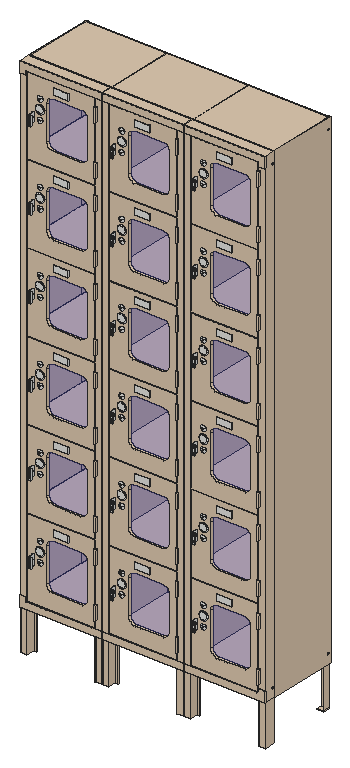
Revit family "Metal_Lockers-Salsbury_Industries-S_65000_66000_Series-3_Wide_Units", category Specialty Equipment, Revit 2016
Family settings
  Part Type = Normal
  Round Connector Dimension = Use Diameter
  OmniClass Number = 23.40.00.00
  OmniClass Title = Equipment and Furnishings
  Work Plane-Based = No
  Always vertical = Yes
  Cut with Voids When Loaded = No
  Shared = No
  Room Calculation Point = No
Parameters (values of type "S-66362 - with Standard 6" High Legs")
  Zee Base Corner - Right Side [instance] = Metal Locker Zee Base Corner : None
  Zee Base Corner - Left Side [instance] = Metal Locker Zee Base Corner : None
  Zee Base - Right Side [instance] = Metal Locker Zee Base-Right Side : None
  Zee Base - Left Side [instance] = Metal Locker Zee Base-Left Side : None
  Zee Base = Metal Locker Zee Base - 3 Wide : None
  Window Panel Material = Polycarbonate - Salsbury Finish - Clear
  Width = 36.040"
  Version = "3.0 (03/30/18)"
  Unit Height including Sloping Hood Only [instance] = 78.625"
  Unit Height = 72.000"
  URL = "www.lockers.com"
  Type Comments = "See-Through Metal Lockers - Six Tier"
  Total Door(s) Height [instance] = 69.81949"
  Top Row of Doors = yes
  Top Compartment Divider = yes
  Sloping Top In-Line Filler - Right Side [instance] = Metal Locker Sloping Top Filler : None
  Sloping Top In-Line Filler - Left Side [instance] = Metal Locker Sloping Top Filler : None
  Sloping Top Corner Filler - Right Side [instance] = Metal Locker Sloping Corner Filler : None
  Sloping Top Corner Filler - Left Side [instance] = Metal Locker Sloping Corner Filler : None
  Sloping Hood Height = if(Depth = 12.010", 6.625", if(Depth = 15.010", 8.682", if(Depth = 18.010", 10.739", 0.000")))  # 6.625"
  Sloping Hood [instance] = Metal Locker Sloping Hood : None
  Door Window Width = 6.000"
  Door Window Offset = if(Unit Height = 72.000", 3.372", if(Unit Height = 60.000", 3.303", 0.000"))  # 3.372"
  Door Window Height = if(Unit Height = 72.000", 7.000", if(Unit Height = 60.000", 7.000", 0.000"))  # 7.000"
  Compartment Divider Height = Individual Door Height - 0.375"  # 11.157"
  Right Side Base [instance] = Metal Locker Right Side Base : None
  Primary Structure Material [instance] = Paint - Salsbury Finish - Tan
  Overall Width including Rivets [instance] = 36.120"
  Unit Height including Base Only [instance] = 78.000"
  Overall Unit Height (including Base and Sloping Hood) [instance] = 84.625"
  OmniClass 23 Title = "Equipment and Furnishings"
  OmniClass 23 Number = "23.40.00.00"
  Model = "S-66362"
  MasterFormat Title = "Lockers"
  MasterFormat Number = "10 51 13"
  Manufacturer = "Salsbury Industries"
  Left Side Base [instance] = Metal Locker Left Side Base : None
  Individual Door Height = 11.532"
  Hasp Plate Rivet Material = Steel -Salsbury Finish - Polished Steel
  Hasp Handle Material = Plastic - Salsbury Finish - Black
  Front Vertical Filler - Right [instance] = Metal Locker Front Filler : None
  Front Vertical Filler - Left [instance] = Metal Locker Front Filler : None
  Front Base [instance] = Metal Locker Front Base : None
  Flat Top In-Line Filler - Right Side [instance] = Metal Locker Flat Top Filler : None
  Flat Top In-Line Filler - Left Side [instance] = Metal Locker Flat Top Filler : None
  Flat Top Corner Filler - Right Side [instance] = Metal Locker Flat Corner Filler : None
  Flat Top Corner Filler - Left Side [instance] = Metal Locker Flat Corner Filler : None
  Individual Door Width [instance] = 33.90055"
  End Panel - Right Side [instance] = Metal Locker End Panel : None
  End Panel - Left Side [instance] = Metal Locker End Panel : None
  Door Location D1 = See-Through Metal Locker Doors-12 inch with Latch Hasps : Six Tier Door - 6 foot
  Description = "3 Wide - 6 Feet High - 12 Inches Deep"
  Depth = 12.010"
  Base Height = 6.000"
  Standard Leg Base = Metal Locker Legs - 3 Wide : 6" High - 36" W x 12" D
  Assembly Code = "C1030310"
Reference planes (in)
  plane 1 "Center (Front/Back)": y = 0
  plane 2: z = 0
  plane 3 "Center (Left/Right)": x = 0
  plane 4 "Floor": z = 0
  plane 5 "Bottom of Unit": z = 6
  plane 6 "Top of Unit": z = 78
  plane 7 "Left Side of Unit": x = -18.02
  plane 8 "Right Side of Unit": x = 18.02
  plane 9 "Back of Unit": y = 6.005
  plane 10 "Front of Unit": y = -6.005
  plane 11 "Top of Sloping Hood": z = 84.625
  plane 12 "Left Rivet": x = -18.06
  plane 13 "Right Rivet": x = 18.06
  plane 14 "Right Side of Door Opening": x = 17.02
  plane 15 "Left Side of Door Opening": x = -17.02
  plane 16 "Top of Door Opening": z = 77
  plane 17 "Bottom of Door Opening": z = 7
  plane 18 "Back Edge of Front Facing": y = -4.417
  plane 19 "Front Plate Plane": y = -6.065
  plane 20 "Horizontal Center of Top Rivets": z = 76.5
  plane 21 "Horiz Center of Bottom Rivets": z = 7.5
  plane 22 "Vertical Center of Back Rivets": y = 5.505
  plane 23 "Vertical Center of Front Rivets": y = -4.755
  plane 24 "Right Align Top Filler Overlap": x = 17.435
  plane 25 "Left Align Top Filler Overlap": x = -17.435
  plane 26 "Corner Filler Align-Left": x = -18.08
  plane 27 "Corner Filler Align-Right": x = 18.08
  plane 28 "Right Side of Door": x = 16.95026
  plane 29 "Top of Door 1": z = 76.90976
  plane 30 "Bottom of Bottom Door": z = 7.09027
  plane 31 "Zee Base Offset": x = -17.669
  plane 32: x = 17.669
  plane 33 "Compartment Align 3": z = 19.157
  plane 34: x = -17.96
  plane 35: x = 17.96
  plane 36: x = -17.635
  plane 37: x = 17.635
  plane 38: y = 5.945
  plane 39: y = 5.895
  plane 40: y = 5.145
  plane 41: x = -17.9
  plane 42: x = 17.9
  plane 43: x = -17.095
  plane 44: x = 17.095
  plane 45: z = 77.94
  plane 46: z = 19.097
  plane 47: z = 18.157
  plane 48: z = 6.9204
  plane 49: z = 6.18539
  plane 50: z = 76.40796
  plane 51: z = 7.59204
  plane 52 "Right Side of Center Unit": x = 6.00667
  plane 53 "Left Side of Center Unit": x = -6.00667
  plane 54: x = 6.98167
  plane 55 "Left Side of Door Opening-Right Door": x = 7.00667
  plane 56: x = 5.03167
  plane 57 "Right Side of Door Opening-Center Door": x = 5.00667
  plane 58 "Right Side of Door - Center Door": x = 4.93667
  plane 59: x = -5.03167
  plane 60 "Left Side of Door Opening - Center Door": x = -5.00667
  plane 61: x = -6.98167
  plane 62 "Right Side of Door Opening - Left Door": x = -7.00667
  plane 63 "Right Side of Door - Left Door": x = -7.07667
  plane 64: z = 18.157
  plane 65 "Top of Door Row 3": z = 18.62227
  plane 66 "Bottom of Door Row 2": z = 18.74776
  plane 67 "Top of Door Row 2": z = 30.27976
  plane 68: z = 30.40676
  plane 69 "Compartment Align 2": z = 30.77927
  plane 70: z = 30.71927
  plane 71: z = 29.77927
  plane 72: z = 53.22076
  plane 73: z = 41.93876
  plane 74: z = 42.06376
  plane 75: z = 41.43676
  plane 76: z = 42.37676
  plane 77 "Compartment Align 1": z = 42.43676
  plane 78: z = 70.70625
  plane 79: z = 53.59576
  plane 80: z = 53.72076
  plane 81: z = 65.25276
  plane 82: z = 65.37776
  plane 83: z = 53.09576
  plane 84: z = 54.03576
  plane 85: z = 54.09576
  plane 86: z = 64.75276
  plane 87: z = 65.69276
  plane 88: z = 65.75276
  plane 89: z = 82.36525
  plane 90: z = 94.02225
  plane 91: x = -6.03667
  plane 92: x = -5.97667
  plane 93: x = 5.97667
  plane 94: x = 6.03667
  plane 95: x = -2.06333
  plane 96: x = 3.93667
  plane 97: z = 9.372
  plane 98: z = 16.372
Forms (in)
  Sweep 1, solid, material "Paint - Salsbury Finish - Tan" <- "Primary Structure Material"
    path origin (0, -6.005, 0) x (1, 0, 0) y (0, 0, 1)
      loop
        line (6.00667, 78) -> (6.00667, 6) -> (18.02, 6) -> (18.02, 78) -> (6.00667, 78)
    profile origin (12.01333, -6.005, 78) x (0, 0, 1) y (0, -1, 0)
      loop
        line (0, 0) -> (-1, 0) -> (-1, -1.588) -> (0, -1.588) -> (0, 0)
  Extrusion 2, solid, material "Paint - Salsbury Finish - Tan" <- "Primary Structure Material"
    sketch origin (0, 0, 6) x (0, -1, 0) y (1, 0, 0)
      loop
        line (4.417, 18.02) -> (-6.005, 18.02) -> (-6.005, 17.635) -> (-5.945, 17.635) -> (-5.945, 17.96) -> (4.417, 17.96) -> (4.417, 18.02)
    from 0 to 72
  Extrusion 3, solid, material "Paint - Salsbury Finish - Tan" <- "Primary Structure Material"
    sketch origin (0, 0, 6) x (0, -1, 0) y (1, 0, 0)
      loop
        line (4.417, -18.02) -> (4.417, -17.96) -> (-5.945, -17.96) -> (-5.945, -17.635) -> (-6.005, -17.635) -> (-6.005, -18.02) -> (4.417, -18.02)
    from 0 to 72
  Extrusion 4, solid, material "Paint - Salsbury Finish - Tan" <- "Primary Structure Material"
    sketch origin (0, 0, 6) x (0, -1, 0) y (1, 0, 0)
      loop
        line (-5.945, -17.96) -> (-5.145, -17.96) -> (-5.145, -17.9) -> (-5.895, -17.9) -> (-5.895, 17.9) -> (-5.145, 17.9) -> (-5.145, 17.96) -> (-5.945, 17.96) -> (-5.945, -17.96)
    from 0 to 72
  Sweep 5, solid, material "Paint - Salsbury Finish - Tan" <- "Primary Structure Material"
    path origin (0, 0, 7) x (0, -1, 0) y (1, 0, 0)
      loop
        line (4.417, -17.96) -> (4.417, 17.96) -> (-5.145, 17.96) -> (-5.145, 17.9) -> (-5.895, 17.9) -> (-5.895, -17.9) -> (-5.145, -17.9) -> (-5.145, -17.96) -> (4.417, -17.96)
    profile origin (-17.96, 0.364, 7) x (-1, 0, 0) y (0, 0, 1)
      loop
        line (0, -0.81461) -> (0, -0.0796) -> (-0.06, -0.0796) -> (-0.06, -0.81461) -> (0, -0.81461)
  Extrusion 6, solid, material "Paint - Salsbury Finish - Tan" <- "Primary Structure Material"
    sketch origin (0, 0, 7) x (0, -1, 0) y (1, 0, 0)
      loop
        line (-5.895, -17.9) -> (-5.145, -17.9) -> (-5.145, -17.96) -> (4.417, -17.96) -> (4.417, 17.96) -> (-5.145, 17.96) -> (-5.145, 17.9) -> (-5.895, 17.9) -> (-5.895, -17.9)
    from -0.0796 to 0
  Extrusion 7, solid, material "Paint - Salsbury Finish - Tan" <- "Primary Structure Material"
    sketch origin (0, 0, 78) x (0, -1, 0) y (1, 0, 0)
      loop
        line (-5.895, -17.9) -> (-5.145, -17.9) -> (-5.145, -17.96) -> (4.417, -17.96) -> (4.417, 17.96) -> (-5.145, 17.96) -> (-5.145, 17.9) -> (-5.895, 17.9) -> (-5.895, -17.9)
    from -0.06 to 0
  Extrusion 8, solid, material "Paint - Salsbury Finish - Tan" <- "Primary Structure Material"
    sketch origin (0, -6.065, 0) x (0, 0, -1) y (1, 0, 0)
      loop
        line (-78, -18.02) -> (-76.47656, -18.02)
        arc (-76.47656, -18.02) -> (-76.42806, -17.99991) -> (-76.40796, -17.9514) r 0.0686
        line (-76.40796, -17.9514) -> (-76.40796, -17.16351)
        arc (-76.40796, -17.16351) -> (-76.42809, -17.11506) -> (-76.47656, -17.095) r 0.0686
        line (-76.47656, -17.095) -> (-77, -17.095) -> (-77, 17.095) -> (-76.47656, 17.095)
        arc (-76.47656, 17.095) -> (-76.42809, 17.11506) -> (-76.40796, 17.16351) r 0.0686
        line (-76.40796, 17.16351) -> (-76.40796, 17.9514)
        arc (-76.40796, 17.9514) -> (-76.42806, 17.99991) -> (-76.47656, 18.02) r 0.0686
        line (-76.47656, 18.02) -> (-78, 18.02) -> (-78, -18.02)
    from -0.06 to 0
  Extrusion 9, solid, material "Paint - Salsbury Finish - Tan" <- "Primary Structure Material"
    sketch origin (0, -6.065, 84) x (0, 0, 1) y (-1, 0, 0)
      loop
        line (-78, 18.02) -> (-78, -18.02) -> (-76.47656, -18.02)
        arc (-76.47656, -18.02) -> (-76.42806, -17.99991) -> (-76.40796, -17.9514) r 0.0686
        line (-76.40796, -17.9514) -> (-76.40796, -17.16351)
        arc (-76.40796, -17.16351) -> (-76.42809, -17.11506) -> (-76.47656, -17.095) r 0.0686
        line (-76.47656, -17.095) -> (-77, -17.095) -> (-77, 17.095) -> (-76.47656, 17.095)
        arc (-76.47656, 17.095) -> (-76.42809, 17.11506) -> (-76.40796, 17.16351) r 0.0686
        line (-76.40796, 17.16351) -> (-76.40796, 17.9514)
        arc (-76.40796, 17.9514) -> (-76.42806, 17.99991) -> (-76.47656, 18.02) r 0.0686
        line (-76.47656, 18.02) -> (-78, 18.02)
    from -0.06 to 0
  Blend 10, solid, material "Steel -Salsbury Finish - Polished Steel" <- "Hasp Plate Rivet Material"
    base sketch origin (18.02, 0, 0) x (0, 0, -1) y (0, -1, 0)
      loop
        circle (-76.5, 4.755) r 0.187
    top sketch origin (18.02, 0, 0) x (0, 0, -1) y (0, -1, 0)
      loop
        circle (-76.5, 4.755) r 0.05319
    from 0 to -0.04
  Blend 11, solid, material "Steel -Salsbury Finish - Polished Steel" <- "Hasp Plate Rivet Material"
    base sketch origin (18.02, 0, -69) x (0, 0, -1) y (0, -1, 0)
      loop
        circle (-76.5, 4.755) r 0.187
    top sketch origin (18.02, 0, -69) x (0, 0, -1) y (0, -1, 0)
      loop
        circle (-76.5, 4.755) r 0.05319
    from 0 to -0.04
  Blend 12, solid, material "Steel -Salsbury Finish - Polished Steel" <- "Hasp Plate Rivet Material"
    base sketch origin (18.02, 10.26, -69) x (0, 0, -1) y (0, -1, 0)
      loop
        circle (-76.5, 4.755) r 0.187
    top sketch origin (18.02, 10.26, -69) x (0, 0, -1) y (0, -1, 0)
      loop
        circle (-76.5, 4.755) r 0.05319
    from 0 to -0.04
  Blend 13, solid, material "Steel -Salsbury Finish - Polished Steel" <- "Hasp Plate Rivet Material"
    base sketch origin (18.02, 10.26, 0.0043) x (0, 0, -1) y (0, -1, 0)
      loop
        circle (-76.5, 4.755) r 0.187
    top sketch origin (18.02, 10.26, 0.0043) x (0, 0, -1) y (0, -1, 0)
      loop
        circle (-76.5, 4.755) r 0.05319
    from 0 to -0.04
  Blend 14, solid, material "Steel -Salsbury Finish - Polished Steel" <- "Hasp Plate Rivet Material"
    base sketch origin (-6.02, 0, -69) x (0, 0, -1) y (0, 1, 0)
      loop
        circle (-76.5, -4.755) r 0.187
    top sketch origin (-6.02, 0, -69) x (0, 0, -1) y (0, 1, 0)
      loop
        circle (-76.5, -4.755) r 0.05319
    from -12 to -12.04
  Blend 15, solid, material "Steel -Salsbury Finish - Polished Steel" <- "Hasp Plate Rivet Material"
    base sketch origin (-6.02, 10.26, -69) x (0, 0, -1) y (0, 1, 0)
      loop
        circle (-76.5, -4.755) r 0.187
    top sketch origin (-6.02, 10.26, -69) x (0, 0, -1) y (0, 1, 0)
      loop
        circle (-76.5, -4.755) r 0.05319
    from -12 to -12.04
  Blend 16, solid, material "Steel -Salsbury Finish - Polished Steel" <- "Hasp Plate Rivet Material"
    base sketch origin (-6.02, 0, 0) x (0, 0, -1) y (0, 1, 0)
      loop
        circle (-76.5, -4.755) r 0.187
    top sketch origin (-6.02, 0, 0) x (0, 0, -1) y (0, 1, 0)
      loop
        circle (-76.5, -4.755) r 0.05319
    from -12 to -12.04
  Blend 17, solid, material "Steel -Salsbury Finish - Polished Steel" <- "Hasp Plate Rivet Material"
    base sketch origin (-6.02, 10.26, 0.00039) x (0, 0, -1) y (0, 1, 0)
      loop
        circle (-76.5, -4.755) r 0.187
    top sketch origin (-6.02, 10.26, 0.00039) x (0, 0, -1) y (0, 1, 0)
      loop
        circle (-76.5, -4.755) r 0.05319
    from -12 to -12.04
  Extrusion 18, solid, material "Paint - Salsbury Finish - Tan" <- "Primary Structure Material"
    sketch origin (0, 0, 19.157) x (0, -1, 0) y (1, 0, 0)
      loop
        line (-5.945, -17.9) -> (-5.145, -17.9) -> (-5.145, -17.96) -> (4.417, -17.96) -> (4.417, 17.96) -> (-5.145, 17.96) -> (-5.145, 17.9) -> (-5.945, 17.9) -> (-5.945, -17.9)
    from -0.06 to 0
  Sweep 19, solid, material "Paint - Salsbury Finish - Tan" <- "Primary Structure Material"
    path origin (0, 0, 19.157) x (0, -1, 0) y (1, 0, 0)
      loop
        line (4.417, -17.96) -> (4.417, 17.96) -> (-5.145, 17.96) -> (-5.145, 17.9) -> (-5.945, 17.9) -> (-5.945, -17.9) -> (-5.145, -17.9) -> (-5.145, -17.96) -> (4.417, -17.96)
    profile origin (-17.96, 0.364, 19.157) x (-1, 0, 0) y (0, 0, 1)
      loop
        line (0, -1) -> (0, -0.06) -> (-0.06, -0.06) -> (-0.06, -1) -> (0, -1)
  Sweep 20, solid, material "Paint - Salsbury Finish - Tan" <- "Primary Structure Material"
    path origin (-12.01333, -6.005, 0) x (1, 0, 0) y (0, 0, 1)
      loop
        line (6.00667, 78) -> (6.00667, 6) -> (18.02, 6) -> (18.02, 78) -> (6.00667, 78)
    profile origin (0, -6.005, 78) x (0, 0, 1) y (0, -1, 0)
      loop
        line (0, 0) -> (-1, 0) -> (-1, -1.588) -> (0, -1.588) -> (0, 0)
  Sweep 21, solid, material "Paint - Salsbury Finish - Tan" <- "Primary Structure Material"
    path origin (-24.02667, -6.005, 0) x (1, 0, 0) y (0, 0, 1)
      loop
        line (6.00667, 78) -> (6.00667, 6) -> (18.02, 6) -> (18.02, 78) -> (6.00667, 78)
    profile origin (-12.01333, -6.005, 78) x (0, 0, 1) y (0, -1, 0)
      loop
        line (0, 0) -> (-1, 0) -> (-1, -1.588) -> (0, -1.588) -> (0, 0)
  Extrusion 22, solid, material "Paint - Salsbury Finish - Tan" <- "Primary Structure Material"
    sketch origin (0, 0, 30.77927) x (0, -1, 0) y (1, 0, 0)
      loop
        line (-5.945, -17.9) -> (-5.145, -17.9) -> (-5.145, -17.96) -> (4.417, -17.96) -> (4.417, 17.96) -> (-5.145, 17.96) -> (-5.145, 17.9) -> (-5.945, 17.9) -> (-5.945, -17.9)
    from -0.06 to 0
  Sweep 23, solid, material "Paint - Salsbury Finish - Tan" <- "Primary Structure Material"
    path origin (0, 0, 30.77927) x (0, -1, 0) y (1, 0, 0)
      loop
        line (4.417, -17.96) -> (4.417, 17.96) -> (-5.145, 17.96) -> (-5.145, 17.9) -> (-5.945, 17.9) -> (-5.945, -17.9) -> (-5.145, -17.9) -> (-5.145, -17.96) -> (4.417, -17.96)
    profile origin (-17.96, 0.364, 30.77927) x (-1, 0, 0) y (0, 0, 1)
      loop
        line (0, -1) -> (0, -0.06) -> (-0.06, -0.06) -> (-0.06, -1) -> (0, -1)
  Extrusion 24, solid, material "Paint - Salsbury Finish - Tan" <- "Primary Structure Material"
    sketch origin (0, 0, 42.43676) x (0, -1, 0) y (1, 0, 0)
      loop
        line (-5.945, -17.9) -> (-5.145, -17.9) -> (-5.145, -17.96) -> (4.417, -17.96) -> (4.417, 17.96) -> (-5.145, 17.96) -> (-5.145, 17.9) -> (-5.945, 17.9) -> (-5.945, -17.9)
    from -0.06 to 0
  Sweep 25, solid, material "Paint - Salsbury Finish - Tan" <- "Primary Structure Material"
    path origin (0, 0, 42.43676) x (0, -1, 0) y (1, 0, 0)
      loop
        line (4.417, -17.96) -> (4.417, 17.96) -> (-5.145, 17.96) -> (-5.145, 17.9) -> (-5.945, 17.9) -> (-5.945, -17.9) -> (-5.145, -17.9) -> (-5.145, -17.96) -> (4.417, -17.96)
    profile origin (-17.96, 0.364, 42.43676) x (-1, 0, 0) y (0, 0, 1)
      loop
        line (0, -1) -> (0, -0.06) -> (-0.06, -0.06) -> (-0.06, -1) -> (0, -1)
  Extrusion 26, solid, material "Paint - Salsbury Finish - Tan" <- "Primary Structure Material"
    sketch origin (0, 0, 54.09576) x (0, -1, 0) y (1, 0, 0)
      loop
        line (-5.945, -17.9) -> (-5.145, -17.9) -> (-5.145, -17.96) -> (4.417, -17.96) -> (4.417, 17.96) -> (-5.145, 17.96) -> (-5.145, 17.9) -> (-5.945, 17.9) -> (-5.945, -17.9)
    from -0.06 to 0
  Sweep 27, solid, material "Paint - Salsbury Finish - Tan" <- "Primary Structure Material"
    path origin (0, 0, 54.09576) x (0, -1, 0) y (1, 0, 0)
      loop
        line (4.417, -17.96) -> (4.417, 17.96) -> (-5.145, 17.96) -> (-5.145, 17.9) -> (-5.945, 17.9) -> (-5.945, -17.9) -> (-5.145, -17.9) -> (-5.145, -17.96) -> (4.417, -17.96)
    profile origin (-17.96, 0.364, 54.09576) x (-1, 0, 0) y (0, 0, 1)
      loop
        line (0, -1) -> (0, -0.06) -> (-0.06, -0.06) -> (-0.06, -1) -> (0, -1)
  Extrusion 28, solid, material "Paint - Salsbury Finish - Tan" <- "Primary Structure Material", visible <- "Top Compartment Divider"
    sketch origin (0, 0, 65.75276) x (0, -1, 0) y (1, 0, 0)
      loop
        line (-5.945, -17.9) -> (-5.145, -17.9) -> (-5.145, -17.96) -> (4.417, -17.96) -> (4.417, 17.96) -> (-5.145, 17.96) -> (-5.145, 17.9) -> (-5.945, 17.9) -> (-5.945, -17.9)
    from -0.06 to 0
  Sweep 29, solid, material "Paint - Salsbury Finish - Tan" <- "Primary Structure Material", visible <- "Top Compartment Divider"
    path origin (0, 0, 65.75276) x (0, -1, 0) y (1, 0, 0)
      loop
        line (4.417, -17.96) -> (4.417, 17.96) -> (-5.145, 17.96) -> (-5.145, 17.9) -> (-5.945, 17.9) -> (-5.945, -17.9) -> (-5.145, -17.9) -> (-5.145, -17.96) -> (4.417, -17.96)
    profile origin (-17.96, 0.364, 65.75276) x (-1, 0, 0) y (0, 0, 1)
      loop
        line (0, -1) -> (0, -0.06) -> (-0.06, -0.06) -> (-0.06, -1) -> (0, -1)
  Extrusion 30, solid, material "Paint - Salsbury Finish - Tan" <- "Primary Structure Material"
    sketch origin (6.00667, 0, 0) x (0, 0, -1) y (0, -1, 0)
      loop
        line (-77.94, 4.417) -> (-77.94, -5.895) -> (-6, -5.895) -> (-6, 4.417) -> (-77.94, 4.417)
    from -0.03 to 0.03
  Extrusion 31, solid, material "Paint - Salsbury Finish - Tan" <- "Primary Structure Material"
    sketch origin (-6.00667, 0, 0) x (0, 0, -1) y (0, -1, 0)
      loop
        line (-77.94, 4.417) -> (-77.94, -5.895) -> (-6, -5.895) -> (-6, 4.417) -> (-77.94, 4.417)
    from -0.03 to 0.03
Lines and regions (in)
  reference lines
    curve 1: line (-41.59242, -6.065, 78) -> (48.15758, -6.065, 78)
  symbolic lines
    curve 2: line (-18.02, 6.005, 78) -> (18.02, 6.005, 78)
    curve 3: line (-18.02, -6.065, 78) -> (-18.02, 6.005, 78)
    curve 4: line (18.02, -6.065, 78) -> (-18.02, -6.065, 78)
    curve 5: line (18.02, 6.005, 78) -> (18.02, -6.065, 78)
    curve 6: line (-18.06, -4.80819, 78) -> (-18.02, -4.91809, 78)
    curve 7: line (-18.02, -4.58043, 78) -> (-18.06, -4.70181, 78)
    curve 8: line (-18.06, -4.80819, 78) -> (-18.06, -4.70181, 78)
    curve 9: line (-18.06, 5.45181, 78) -> (-18.02, 5.31077, 78)
    curve 10: line (-18.06, 5.55819, 78) -> (-18.02, 5.68474, 78)
    curve 11: line (-18.06, 5.55819, 78) -> (-18.06, 5.45181, 78)
    curve 12: line (18.06, 5.55819, 78) -> (18.02, 5.70747, 78)
    curve 13: line (18.06, 5.45181, 78) -> (18.02, 5.3179, 78)
    curve 14: line (18.06, 5.55819, 78) -> (18.06, 5.45181, 78)
    curve 15: line (18.06, -4.70181, 78) -> (18.02, -4.57098, 78)
    curve 16: line (18.06, -4.80819, 78) -> (18.02, -4.94769, 78)
    curve 17: line (18.06, -4.70181, 78) -> (18.06, -4.80819, 78)
  model lines
    curve 18: line (6.00667, 6.005, 6) -> (6.00667, 6.005, 78)
    curve 19: line (-6.00667, 6.005, 6) -> (-6.00667, 6.005, 78)
    curve 20: line (-6.00667, 5.945, 78) -> (-6.00667, -6.065, 78)
    curve 21: line (6.00667, 5.945, 78) -> (6.00667, -6.065, 78)
Dimensions and locks (in)
  equal spacing: plane 7 "Left Side of Unit", plane 53 "Left Side of Center Unit", plane 52 "Right Side of Center Unit", plane 8 "Right Side of Unit"
  "Width": plane 7 "Left Side of Unit" to plane 8 "Right Side of Unit"
  "Base Height": plane 5 "Bottom of Unit" to plane 4 "Floor"
  "Unit Height": plane 6 "Top of Unit" to plane 5 "Bottom of Unit"
  "Unit Height including Base Only": plane 6 "Top of Unit" to plane 4 "Floor"
  equal spacing: plane 10 "Front of Unit", plane 1 "Center (Front/Back)", plane 9 "Back of Unit"
  "Depth": plane 10 "Front of Unit" to plane 9 "Back of Unit"
  "Sloping Hood Height": plane 11 "Top of Sloping Hood" to plane 6 "Top of Unit"
  "Overall Unit Height (including Base and Sloping Hood)": plane 11 "Top of Sloping Hood" to plane 4 "Floor"
  locked: plane 12 "Left Rivet" to plane 7 "Left Side of Unit" at 0.04
  locked: plane 8 "Right Side of Unit" to plane 13 "Right Rivet" at 0.04
  "Overall Width including Rivets": plane 12 "Left Rivet" to plane 13 "Right Rivet"
  plane 6 "Top of Unit" to plane 16 "Top of Door Opening" to plane 29 "Top of Door 1" to plane 50 = 1.000" locked, 0.09024", 0.5018"
  plane 51 to plane 30 "Bottom of Bottom Door" to plane 17 "Bottom of Door Opening" to plane 5 "Bottom of Unit" = 0.50177", 0.09027", 1.000" locked
  locked: plane 7 "Left Side of Unit" to plane 15 "Left Side of Door Opening" at 1
  plane 28 "Right Side of Door" to plane 14 "Right Side of Door Opening" to plane 8 "Right Side of Unit" = 0.06974", 1.000" locked
  plane 19 "Front Plate Plane" to plane 10 "Front of Unit" to plane 18 "Back Edge of Front Facing" = 0.060" locked, 1.588" locked
  "Unit Height including Sloping Hood Only": plane 11 "Top of Sloping Hood" to plane 5 "Bottom of Unit"
  locked: plane 20 "Horizontal Center of Top Rivets" to plane 6 "Top of Unit" at 1.5
  locked: plane 5 "Bottom of Unit" to plane 21 "Horiz Center of Bottom Rivets" at 1.5
  locked: plane 22 "Vertical Center of Back Rivets" to plane 9 "Back of Unit" at 0.5
  locked: plane 10 "Front of Unit" to plane 23 "Vertical Center of Front Rivets" at 1.25
  locked: plane 24 "Right Align Top Filler Overlap" to plane 13 "Right Rivet" at 0.625
  locked: plane 12 "Left Rivet" to plane 25 "Left Align Top Filler Overlap" at 0.625
  locked: plane 8 "Right Side of Unit" to plane 27 "Corner Filler Align-Right" at 0.06
  locked: plane 26 "Corner Filler Align-Left" to plane 7 "Left Side of Unit" at 0.06
  "Total Door(s) Height": plane 29 "Top of Door 1" to plane 30 "Bottom of Bottom Door"
  plane 7 "Left Side of Unit" to plane 31 "Zee Base Offset" = 0.351"
  plane 32 to plane 8 "Right Side of Unit" = 0.351"
  plane 33 "Compartment Align 3" to plane 46 to plane 64 = 0.060" locked, 0.940" locked
  plane 7 "Left Side of Unit" to plane 34 to plane 41 to plane 36 = 0.060" locked, 0.060" locked, 0.265" locked
  plane 37 to plane 42 to plane 35 to plane 8 "Right Side of Unit" = 0.265" locked, 0.060", 0.060"
  plane 40 to plane 39 to plane 38 to plane 9 "Back of Unit" = 0.750" locked, 0.050", 0.060"
  locked: plane 7 "Left Side of Unit" to plane 43 at 0.925
  locked: plane 44 to plane 8 "Right Side of Unit" at 0.925
  locked: plane 6 "Top of Unit" to plane 45 at 0.06
  plane 46 to plane 47 = 0.940"
  locked: plane 17 "Bottom of Door Opening" to plane 48 at 0.0796
  plane 48 to plane 49 = 0.73501"
  plane 58 "Right Side of Door - Center Door" to plane 57 "Right Side of Door Opening-Center Door" to plane 56 to plane 52 "Right Side of Center Unit" to plane 54 to plane 55 "Left Side of Door Opening-Right Door" = 0.070", 0.025", 0.975", 0.975", 0.025"
  plane 63 "Right Side of Door - Left Door" to plane 62 "Right Side of Door Opening - Left Door" to plane 61 to plane 53 "Left Side of Center Unit" to plane 59 to plane 60 "Left Side of Door Opening - Center Door" = 0.070", 0.025", 0.975", 0.975", 0.025"
  "Individual Door Height": plane 65 "Top of Door Row 3" to plane 30 "Bottom of Bottom Door"
  "Compartment Divider Height": plane 64 to plane 17 "Bottom of Door Opening"
  locked: plane 66 "Bottom of Door Row 2" to plane 65 "Top of Door Row 3" at 0.12549
  "Individual Door Height": plane 67 "Top of Door Row 2" to plane 66 "Bottom of Door Row 2"
  locked: plane 68 to plane 67 "Top of Door Row 2" at 0.127
  plane 69 "Compartment Align 2" to plane 70 to plane 71 = 0.060" locked, 0.940" locked
  "Compartment Divider Height": plane 71 to plane 65 "Top of Door Row 3"
  "Individual Door Height": plane 73 to plane 68
  locked: plane 74 to plane 73 at 0.125
  "Compartment Divider Height": plane 75 to plane 67 "Top of Door Row 2"
  plane 77 "Compartment Align 1" to plane 76 to plane 75 = 0.060" locked, 0.940" locked
  locked: plane 80 to plane 79 at 0.125
  locked: plane 82 to plane 81 at 0.125
  "Individual Door Height": plane 79 to plane 74
  "Individual Door Height": plane 81 to plane 80
  "Compartment Divider Height": plane 83 to plane 73
  "Compartment Divider Height": plane 86 to plane 79
  plane 85 to plane 84 to plane 83 = 0.060" locked, 0.940" locked
  plane 88 to plane 87 to plane 86 = 0.060" locked, 0.940" locked
  plane 91 to plane 53 "Left Side of Center Unit" to plane 92 = 0.030", 0.030"
  plane 93 to plane 52 "Right Side of Center Unit" to plane 94 = 0.030", 0.030"
  "Door Window Width": plane 95 to plane 96
  "Door Window Height": plane 98 to plane 97
  "Door Window Offset": plane 97 to plane 5 "Bottom of Unit"
  aligned and locked: level to plane 2
  aligned and locked: Extrusion 2 to plane 6 "Top of Unit"
  aligned and locked: Extrusion 3 to plane 6 "Top of Unit"
  aligned and locked: Extrusion 4 to plane 6 "Top of Unit"
  aligned and locked: Extrusion 8 to plane 10 "Front of Unit"
  aligned and locked: Extrusion 9 to plane 10 "Front of Unit"
  aligned and locked: Extrusion 6 to plane 17 "Bottom of Door Opening"
  aligned and locked: plane 4 "Floor" to nested 2
  aligned and locked: plane 5 "Bottom of Unit" to Extrusion 9
  aligned and locked: plane 8 "Right Side of Unit" to nested 6
  aligned and locked: plane 7 "Left Side of Unit" to nested 7
  aligned and locked: Blend 10 to plane 13 "Right Rivet"
  aligned and locked: plane 8 "Right Side of Unit" to Blend 10
  aligned and locked: Blend 15 to plane 7 "Left Side of Unit"
  aligned and locked: Blend 14 to plane 7 "Left Side of Unit"  (x2)
  aligned and locked: plane 12 "Left Rivet" to Blend 14
  aligned and locked: plane 12 "Left Rivet" to Blend 15
  aligned and locked: Blend 14 to plane 12 "Left Rivet"
  aligned and locked: Blend 17 to plane 7 "Left Side of Unit"
  aligned and locked: plane 12 "Left Rivet" to Blend 17
  aligned and locked: Blend 16 to plane 7 "Left Side of Unit"
  aligned and locked: plane 12 "Left Rivet" to Blend 16
  aligned and locked: plane 5 "Bottom of Unit" to nested 10
  aligned and locked: plane 13 "Right Rivet" to nested 10
  aligned and locked: plane 12 "Left Rivet" to nested 11
  aligned and locked: nested 11 to plane 10 "Front of Unit"
  aligned and locked: plane 13 "Right Rivet" to nested 12
  aligned and locked: plane 10 "Front of Unit" to nested 12
  aligned and locked: plane 6 "Top of Unit" to nested 12
  aligned and locked: plane 12 "Left Rivet" to nested 13
  aligned and locked: plane 10 "Front of Unit" to nested 13
  aligned and locked: plane 6 "Top of Unit" to nested 13
  aligned and locked: plane 6 "Top of Unit" to nested 14
  aligned and locked: nested 14 to plane 19 "Front Plate Plane"
  aligned and locked: nested 14 to plane 24 "Right Align Top Filler Overlap"
  aligned and locked: nested 15 to plane 25 "Left Align Top Filler Overlap"
  aligned and locked: nested 15 to plane 19 "Front Plate Plane"
  aligned and locked: nested 10 to nested 15
  aligned and locked: plane 19 "Front Plate Plane" to nested 16
  aligned and locked: plane 6 "Top of Unit" to nested 16
  aligned and locked: nested 17 to plane 6 "Top of Unit"
  aligned and locked: nested 17 to plane 19 "Front Plate Plane"
  aligned and locked: nested 18 to plane 24 "Right Align Top Filler Overlap"
  aligned and locked: nested 18 to plane 19 "Front Plate Plane"
  aligned and locked: plane 16 "Top of Door Opening" to nested 18
  aligned and locked: nested 19 to plane 16 "Top of Door Opening"
  aligned and locked: nested 19 to plane 25 "Left Align Top Filler Overlap"
  aligned and locked: nested 19 to plane 19 "Front Plate Plane"
  aligned and locked: nested 11 to plane 6 "Top of Unit"
  aligned and locked: plane 10 "Front of Unit" to nested 10
  aligned and locked: plane 10 "Front of Unit" to nested 22
  aligned and locked: plane 10 "Front of Unit" to nested 1
  aligned and locked: plane 10 "Front of Unit" to nested 2
  aligned and locked: plane 7 "Left Side of Unit" to nested 17
  aligned and locked: plane 31 "Zee Base Offset" to nested 9
  aligned and locked: plane 18 "Back Edge of Front Facing" to nested 9
  aligned and locked: nested 8 to plane 18 "Back Edge of Front Facing"
  aligned and locked: plane 32 to nested 8
  aligned and locked: nested 21 to curve 1
  aligned and locked: nested 20 to curve 1
  aligned and locked: Sweep 19 sketch curve to Extrusion 18
  aligned and locked: plane 7 "Left Side of Unit" to Extrusion 3
  aligned and locked: Extrusion 3 to plane 9 "Back of Unit"
  aligned and locked: Extrusion 2 to plane 8 "Right Side of Unit"
  aligned and locked: Extrusion 2 to plane 9 "Back of Unit"
  aligned and locked: plane 18 "Back Edge of Front Facing" to Extrusion 3
  aligned and locked: plane 18 "Back Edge of Front Facing" to Extrusion 2
  aligned and locked: plane 34 to Extrusion 3
  aligned and locked: plane 35 to Extrusion 2
  aligned and locked: plane 36 to Extrusion 3
  aligned and locked: plane 37 to Extrusion 2
  aligned and locked: Extrusion 3 to plane 38
  aligned and locked: plane 38 to Extrusion 2
  aligned and locked: Extrusion 4 to plane 38
  aligned and locked: Extrusion 4 to plane 39
  aligned and locked: plane 34 to Extrusion 4
  aligned and locked: plane 40 to Extrusion 4  (x2)
  aligned and locked: plane 41 to Extrusion 4
  aligned and locked: plane 42 to Extrusion 4
  aligned and locked: Extrusion 7 to plane 39
  aligned and locked: plane 41 to Extrusion 7
  aligned and locked: plane 34 to Extrusion 7  (x2)
  aligned and locked: Extrusion 7 to plane 40  (x2)
  aligned and locked: Extrusion 7 to plane 42
  aligned and locked: Extrusion 7 to plane 35  (x2)
  aligned and locked: plane 18 "Back Edge of Front Facing" to Extrusion 7
  aligned and locked: plane 18 "Back Edge of Front Facing" to Extrusion 6
  aligned and locked: Extrusion 6 to plane 39
  aligned and locked: Extrusion 6 to plane 42
  aligned and locked: Extrusion 6 to plane 40  (x2)
  aligned and locked: Extrusion 6 to plane 35
  aligned and locked: plane 41 to Extrusion 6
  aligned and locked: plane 34 to Extrusion 6
  aligned and locked: Sweep 5 to plane 39
  aligned and locked: Sweep 5 to plane 40  (x2)
  aligned and locked: Sweep 5 to plane 42
  aligned and locked: Sweep 5 to plane 35
  aligned and locked: plane 18 "Back Edge of Front Facing" to Sweep 5
  aligned and locked: plane 34 to Sweep 5
  aligned and locked: plane 41 to Sweep 5
  aligned and locked: Sweep 5 sketch curve to plane 41
  aligned and locked: Sweep 5 sketch curve to plane 39
  aligned and locked: plane 40 to Sweep 5 sketch curve  (x2)
  aligned and locked: Sweep 5 sketch curve to plane 34  (x2)
  aligned and locked: plane 42 to Sweep 5 sketch curve
  aligned and locked: plane 35 to Sweep 5 sketch curve
  aligned and locked: Sweep 5 sketch curve to plane 18 "Back Edge of Front Facing"
  aligned and locked: Extrusion 18 to plane 42
  aligned and locked: Extrusion 18 to plane 40  (x2)
  aligned and locked: Extrusion 18 to plane 35
  aligned and locked: plane 18 "Back Edge of Front Facing" to Extrusion 18
  aligned and locked: plane 34 to Extrusion 18
  aligned and locked: plane 41 to Extrusion 18
  aligned and locked: plane 42 to Sweep 19 sketch curve
  aligned and locked: plane 40 to Sweep 19 sketch curve  (x2)
  aligned and locked: plane 35 to Sweep 19 sketch curve
  aligned and locked: Sweep 19 sketch curve to plane 18 "Back Edge of Front Facing"
  aligned and locked: Sweep 19 sketch curve to plane 34  (x2)
  aligned and locked: Sweep 19 sketch curve to plane 41
  aligned and locked: plane 6 "Top of Unit" to Sweep 1 sketch curve  (x2)
  aligned and locked: plane 8 "Right Side of Unit" to Sweep 1 sketch curve
  aligned and locked: Sweep 1 sketch curve to plane 5 "Bottom of Unit"
  aligned and locked: plane 10 "Front of Unit" to Sweep 1
  aligned and locked: Extrusion 8 to plane 19 "Front Plate Plane"
  aligned and locked: plane 10 "Front of Unit" to Extrusion 8
  aligned and locked: Extrusion 8 to plane 8 "Right Side of Unit"
  aligned and locked: plane 7 "Left Side of Unit" to Extrusion 8
  aligned and locked: plane 7 "Left Side of Unit" to Extrusion 9
  aligned and locked: plane 19 "Front Plate Plane" to Extrusion 9
  aligned and locked: Extrusion 9 to plane 8 "Right Side of Unit"
  aligned and locked: plane 43 to Extrusion 9
  aligned and locked: plane 44 to Extrusion 9
  aligned and locked: plane 44 to Extrusion 8
  aligned and locked: Extrusion 8 to plane 43
  aligned and locked: plane 28 "Right Side of Door" to nested 22
  aligned and locked: plane 18 "Back Edge of Front Facing" to Sweep 1 sketch curve
  aligned and locked: Sweep 1 sketch curve to plane 16 "Top of Door Opening"
  aligned and locked: Sweep 1 sketch curve to plane 10 "Front of Unit"
  aligned and locked: plane 5 "Bottom of Unit" to Extrusion 4
  aligned and locked: Extrusion 4 to plane 35
  aligned and locked: plane 5 "Bottom of Unit" to Extrusion 3
  aligned and locked: plane 5 "Bottom of Unit" to Extrusion 2
  aligned and locked: Extrusion 7 to plane 6 "Top of Unit"
  aligned and locked: plane 45 to Extrusion 7
  aligned and locked: Extrusion 18 to plane 33 "Compartment Align 3"
  aligned and locked: Extrusion 18 to plane 46
  aligned and locked: plane 41 to Sweep 19 sketch curve
  aligned and locked: plane 47 to Sweep 19 sketch curve
  aligned and locked: Extrusion 6 to plane 48
  aligned and locked: Sweep 5 to plane 48
  aligned and locked: Sweep 5 sketch curve to plane 49
  aligned and locked: Sweep 5 sketch curve to plane 48
  aligned and locked: plane 41 to Sweep 5 sketch curve
  aligned and locked: plane 50 to Extrusion 8
  aligned and locked: Extrusion 8 to plane 50
  aligned and locked: Extrusion 8 to plane 6 "Top of Unit"
  aligned and locked: plane 16 "Top of Door Opening" to Extrusion 8
  aligned and locked: Extrusion 9 to plane 17 "Bottom of Door Opening"
  aligned and locked: plane 51 to Extrusion 9  (x2)
  aligned and locked: plane 4 "Floor" to nested 1
  aligned and locked: Blend 12 to plane 13 "Right Rivet"
  aligned and locked: plane 8 "Right Side of Unit" to Blend 12
  aligned and locked: plane 8 "Right Side of Unit" to Blend 13
  aligned and locked: Blend 13 to plane 13 "Right Rivet"
  aligned and locked: plane 8 "Right Side of Unit" to Blend 11
  aligned and locked: Blend 11 to plane 13 "Right Rivet"
  aligned and locked: nested 21 to curve 3
  aligned and locked: curve 4 to Extrusion 8
  aligned and locked: curve 5 to Extrusion 8
  aligned and locked: curve 8 to Blend 14
  aligned and locked: curve 11 to Blend 15
  aligned and locked: curve 14 to Blend 12
  aligned and locked: curve 17 to Blend 10
  aligned and locked: plane 8 "Right Side of Unit" to nested 20
  aligned and locked: plane 7 "Left Side of Unit" to nested 21
  aligned and locked: Sweep 1 sketch curve to plane 52 "Right Side of Center Unit"
  aligned and locked: plane 6 "Top of Unit" to Sweep 20 sketch curve
  aligned and locked: Sweep 20 sketch curve to plane 5 "Bottom of Unit"
  aligned and locked: Sweep 21 sketch curve to plane 5 "Bottom of Unit"
  aligned and locked: plane 53 "Left Side of Center Unit" to Sweep 21 sketch curve
  aligned and locked: Sweep 21 sketch curve to plane 7 "Left Side of Unit"
  aligned and locked: plane 6 "Top of Unit" to Sweep 21 sketch curve
  aligned and locked: Sweep 20 sketch curve to plane 53 "Left Side of Center Unit"
  aligned and locked: plane 52 "Right Side of Center Unit" to Sweep 20 sketch curve
  aligned and locked: plane 10 "Front of Unit" to nested 24
  aligned and locked: plane 18 "Back Edge of Front Facing" to Sweep 20 sketch curve
  aligned and locked: Sweep 20 sketch curve to plane 16 "Top of Door Opening"
  aligned and locked: profile plane to Sweep 20 sketch curve
  aligned and locked: Sweep 20 sketch curve to profile plane
  aligned and locked: profile plane to Sweep 21 sketch curve
  aligned and locked: plane 18 "Back Edge of Front Facing" to Sweep 21 sketch curve
  aligned and locked: Sweep 21 sketch curve to plane 16 "Top of Door Opening"
  aligned and locked: Sweep 21 sketch curve to profile plane
  aligned and locked: plane 58 "Right Side of Door - Center Door" to nested 23
  aligned and locked: plane 63 "Right Side of Door - Left Door" to nested 24
  aligned and locked: nested 23 to plane 30 "Bottom of Bottom Door"
  aligned and locked: nested 24 to plane 30 "Bottom of Bottom Door"
  aligned and locked: plane 4 "Floor" to nested 5
  aligned and locked: plane 8 "Right Side of Unit" to nested 5
  aligned and locked: plane 9 "Back of Unit" to nested 6
  aligned and locked: plane 9 "Back of Unit" to nested 7
  aligned and locked: plane 52 "Right Side of Center Unit" to curve 18
  aligned and locked: plane 53 "Left Side of Center Unit" to curve 19
  aligned and locked: plane 5 "Bottom of Unit" to curve 19
  aligned and locked: plane 5 "Bottom of Unit" to curve 18
  aligned and locked: plane 6 "Top of Unit" to curve 18
  aligned and locked: plane 6 "Top of Unit" to curve 19
  aligned and locked: curve 20 to Extrusion 4
  aligned and locked: curve 20 to Sweep 21
  aligned and locked: curve 21 to Sweep 20
  aligned and locked: Extrusion 4 to curve 21
  aligned and locked: Extrusion 8 to curve 20
  aligned and locked: plane 6 "Top of Unit" to nested 25
  aligned and locked: plane 19 "Front Plate Plane" to nested 25
  aligned and locked: plane 10 "Front of Unit" to nested 23
  aligned and locked: nested 22 to plane 30 "Bottom of Bottom Door"
  aligned and locked: Sweep 19 to plane 64
  aligned and locked: nested 26 to plane 66 "Bottom of Door Row 2"
  aligned and locked: nested 27 to plane 66 "Bottom of Door Row 2"
  aligned and locked: nested 28 to plane 66 "Bottom of Door Row 2"
  aligned and locked: plane 28 "Right Side of Door" to nested 26
  aligned and locked: plane 58 "Right Side of Door - Center Door" to nested 27
  aligned and locked: plane 63 "Right Side of Door - Left Door" to nested 28
  aligned and locked: plane 10 "Front of Unit" to nested 26
  aligned and locked: plane 10 "Front of Unit" to nested 27
  aligned and locked: plane 10 "Front of Unit" to nested 28
  aligned and locked: plane 68 to nested 29
  aligned and locked: nested 30 to plane 68
  aligned and locked: nested 31 to plane 68
  aligned and locked: Extrusion 22 to Sweep 23 sketch curve
  aligned and locked: plane 70 to Extrusion 22
  aligned and locked: Extrusion 22 to plane 69 "Compartment Align 2"
  aligned and locked: Sweep 23 sketch curve to plane 71
  aligned and locked: plane 28 "Right Side of Door" to nested 29
  aligned and locked: plane 58 "Right Side of Door - Center Door" to nested 30
  aligned and locked: plane 63 "Right Side of Door - Left Door" to nested 31
  aligned and locked: plane 10 "Front of Unit" to nested 29
  aligned and locked: plane 10 "Front of Unit" to nested 30
  aligned and locked: plane 10 "Front of Unit" to nested 31
  aligned and locked: Sweep 23 to Extrusion 22  (x2)
  aligned and locked: plane 18 "Back Edge of Front Facing" to Extrusion 22
  aligned and locked: Extrusion 22 to nested 5  (x2)
  aligned and locked: Extrusion 22 to Sweep 23  (x2)
  aligned and locked: Sweep 23 sketch curve to plane 18 "Back Edge of Front Facing"
  aligned and locked: plane 35 to Sweep 23 sketch curve
  aligned and locked: plane 42 to Sweep 23 sketch curve
  aligned and locked: Sweep 23 sketch curve to plane 34
  aligned and locked: Sweep 23 sketch curve to plane 41
  aligned and locked: Sweep 23 sketch curve to plane 38
  aligned and locked: plane 74 to nested 32
  aligned and locked: nested 33 to plane 74
  aligned and locked: nested 34 to plane 74
  aligned and locked: plane 28 "Right Side of Door" to nested 32
  aligned and locked: plane 58 "Right Side of Door - Center Door" to nested 33
  aligned and locked: plane 63 "Right Side of Door - Left Door" to nested 34
  aligned and locked: plane 10 "Front of Unit" to nested 32
  aligned and locked: plane 10 "Front of Unit" to nested 33
  aligned and locked: plane 10 "Front of Unit" to nested 34
  aligned and locked: Extrusion 24 to Sweep 25 sketch curve
  aligned and locked: Sweep 25 to Extrusion 24  (x2)
  aligned and locked: Extrusion 24 to Sweep 25  (x2)
  aligned and locked: Extrusion 24 to plane 77 "Compartment Align 1"
  aligned and locked: plane 76 to Extrusion 24
  aligned and locked: Extrusion 24 to plane 38
  aligned and locked: plane 18 "Back Edge of Front Facing" to Extrusion 24
  aligned and locked: plane 41 to Extrusion 24
  aligned and locked: Extrusion 24 to plane 42
  aligned and locked: Extrusion 24 to plane 35
  aligned and locked: Sweep 25 sketch curve to plane 34
  aligned and locked: Sweep 25 sketch curve to plane 41
  aligned and locked: Sweep 25 sketch curve to plane 18 "Back Edge of Front Facing"
  aligned and locked: plane 35 to Sweep 25 sketch curve
  aligned and locked: plane 42 to Sweep 25 sketch curve
  aligned and locked: Sweep 25 sketch curve to plane 38
  aligned and locked: Sweep 25 sketch curve to plane 75
  aligned and locked: plane 28 "Right Side of Door" to nested 38
  aligned and locked: plane 58 "Right Side of Door - Center Door" to nested 39
  aligned and locked: plane 63 "Right Side of Door - Left Door" to nested 40
  aligned and locked: nested 35 to plane 80
  aligned and locked: nested 36 to plane 80
  aligned and locked: nested 37 to plane 80
  aligned and locked: nested 38 to plane 82
  aligned and locked: nested 39 to plane 82
  aligned and locked: nested 40 to plane 82
  aligned and locked: plane 28 "Right Side of Door" to nested 35
  aligned and locked: plane 58 "Right Side of Door - Center Door" to nested 36
  aligned and locked: plane 63 "Right Side of Door - Left Door" to nested 37
  aligned and locked: plane 10 "Front of Unit" to nested 38
  aligned and locked: plane 10 "Front of Unit" to nested 35
  aligned and locked: plane 10 "Front of Unit" to nested 39
  aligned and locked: plane 10 "Front of Unit" to nested 36
  aligned and locked: plane 10 "Front of Unit" to nested 37
  aligned and locked: plane 10 "Front of Unit" to nested 40
  aligned and locked: Sweep 27 to Extrusion 26  (x2)
  aligned and locked: Extrusion 26 to Sweep 27  (x2)
  aligned and locked: Sweep 29 to Extrusion 28  (x2)
  aligned and locked: Extrusion 28 to Sweep 29  (x2)
  aligned and locked: Extrusion 26 to plane 85
  aligned and locked: plane 84 to Extrusion 26
  aligned and locked: Extrusion 28 to plane 88
  aligned and locked: plane 87 to Extrusion 28
  aligned and locked: Sweep 29 sketch curve to plane 86
  aligned and locked: plane 87 to Sweep 29 sketch curve
  aligned and locked: plane 84 to Sweep 27 sketch curve
  aligned and locked: Sweep 27 sketch curve to plane 83
  aligned and locked: Extrusion 28 to plane 38
  aligned and locked: plane 41 to Extrusion 28
  aligned and locked: plane 34 to Extrusion 28 sketch curve
  aligned and locked: plane 18 "Back Edge of Front Facing" to Extrusion 28 sketch curve
  aligned and locked: Extrusion 28 sketch curve to plane 35
  aligned and locked: Extrusion 28 sketch curve to plane 42
  aligned and locked: Sweep 29 sketch curve to plane 38
  aligned and locked: Sweep 29 sketch curve to plane 41
  aligned and locked: Sweep 29 sketch curve to plane 34
  aligned and locked: Sweep 29 sketch curve to plane 18 "Back Edge of Front Facing"
  aligned and locked: plane 35 to Sweep 29 sketch curve
  aligned and locked: plane 42 to Sweep 29 sketch curve
  aligned and locked: Extrusion 26 sketch curve to plane 38
  aligned and locked: plane 41 to Extrusion 26 sketch curve
  aligned and locked: plane 34 to Extrusion 26 sketch curve
  aligned and locked: plane 18 "Back Edge of Front Facing" to Extrusion 26 sketch curve
  aligned and locked: Extrusion 26 sketch curve to plane 35
  aligned and locked: Extrusion 26 sketch curve to plane 42
  aligned and locked: Sweep 27 sketch curve to plane 38
  aligned and locked: Sweep 27 sketch curve to plane 41
  aligned and locked: Sweep 27 sketch curve to plane 34
  aligned and locked: Sweep 27 sketch curve to plane 18 "Back Edge of Front Facing"
  aligned and locked: plane 42 to Sweep 27 sketch curve
  aligned and locked: Extrusion 28 sketch curve to plane 38
  aligned and locked: Extrusion 28 sketch curve to plane 40  (x2)
  aligned and locked: plane 40 to Sweep 29 sketch curve  (x2)
  aligned and locked: Extrusion 26 sketch curve to plane 40  (x2)
  aligned and locked: plane 40 to Sweep 27 sketch curve  (x2)
  aligned and locked: Extrusion 24 sketch curve to plane 38
  aligned and locked: Extrusion 24 sketch curve to plane 40  (x2)
  aligned and locked: plane 40 to Sweep 25 sketch curve  (x2)
  aligned and locked: Extrusion 22 sketch curve to plane 38
  aligned and locked: Extrusion 22 sketch curve to plane 40  (x2)
  aligned and locked: plane 40 to Sweep 23 sketch curve  (x2)
  aligned and locked: Extrusion 18 to plane 38
  aligned and locked: Extrusion 18 sketch curve to plane 40  (x2)
  aligned and locked: Sweep 19 sketch curve to plane 38
  aligned and locked: plane 9 "Back of Unit" to curve 2
  aligned and locked: plane 8 "Right Side of Unit" to nested 16
  aligned and locked: plane 8 "Right Side of Unit" to nested 3
  aligned and locked: nested 42 to plane 14 "Right Side of Door Opening"
  aligned and locked: plane 57 "Right Side of Door Opening-Center Door" to nested 2
  aligned and locked: plane 62 "Right Side of Door Opening - Left Door" to nested 41
  aligned and locked: plane 7 "Left Side of Unit" to nested 4
  aligned and locked: Extrusion 30 sketch curve to plane 5 "Bottom of Unit"
  aligned and locked: plane 39 to Extrusion 30 sketch curve
  aligned and locked: Extrusion 30 sketch curve to plane 18 "Back Edge of Front Facing"
  aligned and locked: plane 45 to Extrusion 30 sketch curve
  aligned and locked: Extrusion 30 to plane 93
  aligned and locked: plane 94 to Extrusion 30
  aligned and locked: Extrusion 31 to plane 91
  aligned and locked: plane 92 to Extrusion 31
Automatic sketch dimensions
  Extrusion 2 sketch curve to plane 8 "Right Side of Unit" = 0.000"
  plane 9 "Back of Unit" to Extrusion 2 sketch curve = 0.000"
  Extrusion 2 sketch curve to plane 37 = 0.000"
  plane 38 to Extrusion 2 sketch curve = 0.000"
  plane 18 "Back Edge of Front Facing" to Extrusion 2 sketch curve = 0.000"
  Extrusion 2 sketch curve to plane 35 = 0.000"
  Extrusion 3 sketch curve to plane 7 "Left Side of Unit" = 0.000"
  plane 9 "Back of Unit" to Extrusion 3 sketch curve = 0.000"
  Extrusion 3 sketch curve to plane 36 = 0.000"
  Extrusion 3 sketch curve to plane 38 = 0.000"
  plane 18 "Back Edge of Front Facing" to Extrusion 3 sketch curve = 0.000"
  Extrusion 3 sketch curve to plane 34 = 0.000"
  Extrusion 4 sketch curve to plane 34 = 0.000"
  Extrusion 4 sketch curve to plane 38 = 0.000"
  Extrusion 4 sketch curve to plane 39 = 0.000"
  plane 40 to Extrusion 4 sketch curve = 0.000"  (x2)
  Extrusion 4 sketch curve to plane 41 = 0.000"
  Extrusion 4 sketch curve to plane 42 = 0.000"
  Extrusion 4 sketch curve to plane 35 = 0.000"
  Extrusion 6 sketch curve to plane 39 = 0.000"
  Extrusion 6 sketch curve to plane 34 = 0.000"
  plane 40 to Extrusion 6 sketch curve = 0.000"  (x2)
  plane 18 "Back Edge of Front Facing" to Extrusion 6 sketch curve = 0.000"
  Extrusion 6 sketch curve to plane 41 = 0.000"
  Extrusion 6 sketch curve to plane 42 = 0.000"
  Extrusion 6 sketch curve to plane 35 = 0.000"
  Extrusion 7 sketch curve to plane 39 = 0.000"
  Extrusion 7 sketch curve to plane 34 = 0.000"
  plane 40 to Extrusion 7 sketch curve = 0.000"  (x2)
  plane 18 "Back Edge of Front Facing" to Extrusion 7 sketch curve = 0.000"
  Extrusion 7 sketch curve to plane 41 = 0.000"
  Extrusion 7 sketch curve to plane 42 = 0.000"
  Extrusion 7 sketch curve to plane 35 = 0.000"
  Extrusion 8 sketch curve to plane 6 "Top of Unit" = 0.000"
  Extrusion 8 sketch curve to plane 16 "Top of Door Opening" = 0.000"
  plane 43 to Extrusion 8 sketch curve = 0.000"
  plane 7 "Left Side of Unit" to Extrusion 8 sketch curve = 0.000"
  plane 44 to Extrusion 8 sketch curve = 0.000"
  plane 8 "Right Side of Unit" to Extrusion 8 sketch curve = 0.000"
  Extrusion 8 sketch curve to plane 50 = 0.000"  (x2)
  plane 20 "Horizontal Center of Top Rivets" to Extrusion 8 sketch curve = 0.02344"  (x4)
  Extrusion 8 sketch curve to Extrusion 8 sketch curve = 0.0686"
  Extrusion 8 sketch curve to plane 44 = 0.06851"
  Extrusion 9 sketch curve to plane 5 "Bottom of Unit" = 0.000"
  Extrusion 9 sketch curve to plane 17 "Bottom of Door Opening" = 0.000"
  plane 43 to Extrusion 9 sketch curve = 0.000"
  plane 7 "Left Side of Unit" to Extrusion 9 sketch curve = 0.000"
  plane 44 to Extrusion 9 sketch curve = 0.000"
  plane 8 "Right Side of Unit" to Extrusion 9 sketch curve = 0.000"
  Extrusion 9 sketch curve to plane 51 = 0.000"  (x2)
  plane 21 "Horiz Center of Bottom Rivets" to Extrusion 9 sketch curve = 0.02344"  (x4)
  Extrusion 9 sketch curve to Extrusion 9 sketch curve = 0.0686"
  plane 44 to Extrusion 9 sketch curve = 0.06851"
  plane 20 "Horizontal Center of Top Rivets" to Blend 10 sketch curve = 0.000"  (x2)
  Blend 10 sketch curve to plane 23 "Vertical Center of Front Rivets" = 0.000"  (x2)
  plane 21 "Horiz Center of Bottom Rivets" to Blend 11 sketch curve = 0.000"  (x2)
  Blend 11 sketch curve to plane 23 "Vertical Center of Front Rivets" = 0.000"  (x2)
  plane 21 "Horiz Center of Bottom Rivets" to Blend 12 sketch curve = 0.000"  (x2)
  Blend 12 sketch curve to plane 22 "Vertical Center of Back Rivets" = 0.000"  (x2)
  Blend 13 sketch curve to plane 22 "Vertical Center of Back Rivets" = 0.000"  (x2)
  Blend 13 sketch curve to plane 20 "Horizontal Center of Top Rivets" = 0.0043"  (x2)
  plane 21 "Horiz Center of Bottom Rivets" to Blend 14 sketch curve = 0.000"  (x2)
  Blend 14 sketch curve to plane 23 "Vertical Center of Front Rivets" = 0.000"  (x2)
  plane 21 "Horiz Center of Bottom Rivets" to Blend 15 sketch curve = 0.000"  (x2)
  Blend 15 sketch curve to plane 22 "Vertical Center of Back Rivets" = 0.000"  (x2)
  plane 20 "Horizontal Center of Top Rivets" to Blend 16 sketch curve = 0.000"  (x2)
  Blend 16 sketch curve to plane 23 "Vertical Center of Front Rivets" = 0.000"  (x2)
  Blend 17 sketch curve to plane 22 "Vertical Center of Back Rivets" = 0.000"  (x2)
  Blend 17 sketch curve to plane 20 "Horizontal Center of Top Rivets" = 0.00039"  (x2)
  plane 19 "Front Plate Plane" to curve 1 = 0.000"
  plane 26 "Corner Filler Align-Left" to curve 1 = 23.51242"
  curve 1 to plane 27 "Corner Filler Align-Right" = 30.07758"
  Extrusion 18 sketch curve to plane 38 = 0.000"
  plane 18 "Back Edge of Front Facing" to Extrusion 18 sketch curve = 0.000"
  Extrusion 18 sketch curve to plane 34 = 0.000"
  Extrusion 18 sketch curve to plane 41 = 0.000"
  Extrusion 18 sketch curve to plane 42 = 0.000"
  Extrusion 18 sketch curve to plane 35 = 0.000"
  curve 11 to plane 22 "Vertical Center of Back Rivets" = 0.05319"
  curve 14 to plane 22 "Vertical Center of Back Rivets" = 0.05319"
  plane 22 "Vertical Center of Back Rivets" to curve 13 = 0.05319"
  plane 22 "Vertical Center of Back Rivets" to curve 9 = 0.05319"
  curve 15 to plane 23 "Vertical Center of Front Rivets" = 0.05319"
  curve 8 to plane 23 "Vertical Center of Front Rivets" = 0.05319"
  plane 23 "Vertical Center of Front Rivets" to curve 6 = 0.05319"
  plane 23 "Vertical Center of Front Rivets" to curve 16 = 0.05319"
  curve 12 to curve 12 = 0.14928"
  curve 10 to curve 10 = 0.12655"
  curve 13 to curve 13 = 0.13391"
  curve 9 to curve 9 = 0.14104"
  curve 15 to curve 15 = 0.13083"
  curve 7 to curve 7 = 0.12138"
  curve 6 to curve 6 = 0.1099"
  curve 16 to curve 16 = 0.1395"
  plane 18 "Back Edge of Front Facing" to Extrusion 22 sketch curve = 0.000"
  Extrusion 22 sketch curve to plane 34 = 0.000"
  Extrusion 22 sketch curve to plane 41 = 0.000"
  Extrusion 22 sketch curve to plane 42 = 0.000"
  Extrusion 22 sketch curve to plane 35 = 0.000"
  Sweep 23 sketch curve to profile plane = 0.000"
  profile plane to Sweep 23 sketch curve = 0.060"
  plane 18 "Back Edge of Front Facing" to Extrusion 24 sketch curve = 0.000"
  Extrusion 24 sketch curve to plane 34 = 0.000"
  Extrusion 24 sketch curve to plane 41 = 0.000"
  Extrusion 24 sketch curve to plane 42 = 0.000"
  Extrusion 24 sketch curve to plane 35 = 0.000"
  Sweep 25 sketch curve to profile plane = 0.000"
  profile plane to Sweep 25 sketch curve = 0.060"
  Sweep 27 sketch curve to plane 35 = 0.000"
  Sweep 27 sketch curve to profile plane = 0.000"
  profile plane to Sweep 27 sketch curve = 0.060"
  Extrusion 28 sketch curve to plane 41 = 0.000"
  Sweep 29 sketch curve to profile plane = 0.000"
  profile plane to Sweep 29 sketch curve = 0.060"
  Extrusion 31 sketch curve to plane 39 = 0.000"
  plane 45 to Extrusion 31 sketch curve = 0.000"
  plane 5 "Bottom of Unit" to Extrusion 31 sketch curve = 0.000"
  Extrusion 31 sketch curve to plane 18 "Back Edge of Front Facing" = 0.000"
  radius of Blend 10 sketch curve = 0.187"
  radius of Blend 10 sketch curve = 0.05319"
  radius of Blend 11 sketch curve = 0.187"
  radius of Blend 11 sketch curve = 0.05319"
  radius of Blend 12 sketch curve = 0.187"
  radius of Blend 12 sketch curve = 0.05319"
  radius of Blend 13 sketch curve = 0.187"
  radius of Blend 13 sketch curve = 0.05319"
  radius of Blend 14 sketch curve = 0.187"
  radius of Blend 14 sketch curve = 0.05319"
  radius of Blend 15 sketch curve = 0.187"
  radius of Blend 15 sketch curve = 0.05319"
  radius of Blend 16 sketch curve = 0.187"
  radius of Blend 16 sketch curve = 0.05319"
  radius of Blend 17 sketch curve = 0.187"
  radius of Blend 17 sketch curve = 0.05319"
Nested families (in)
  nested 1: "Metal Locker Legs - 3 Wide" at (0, 0, 0), type <- "Standard Leg Base", type "6" High - 36" W x 12" D"
  nested 2: "Metal Locker Front Base" at (-0.01333, 0, 0), type <- "Front Base", type "None"
  nested 3: "Metal Locker Right Side Base" at (12, 0.794, 0), type <- "Right Side Base", type "None"
  nested 4: "Metal Locker Left Side Base" at (-22.79, 0.794, 0), type <- "Left Side Base", type "None"
  nested 5: "Metal Locker Zee Base - 3 Wide" at (0, 0, 0), type <- "Zee Base", type "None"
  nested 6: "Metal Locker Zee Base-Right Side" at (12.03, 0.824, 0), type <- "Zee Base - Right Side", type "None"
  nested 7: "Metal Locker Zee Base-Left Side" at (-20.01, 0.824, 0), type <- "Zee Base - Left Side", type "None"
  nested 8: "Metal Locker Zee Base Corner" at (18.669, -5.417, 0), type <- "Zee Base Corner - Right Side", type "None"
  nested 9: "Metal Locker Zee Base Corner" at (-18.669, -5.417, 0) x (-1, 0, 0) z (0, 0, 1), type <- "Zee Base Corner - Left Side", type "None"
  nested 10: "Metal Locker End Panel" at (22.1925, 2.167, 6), type <- "End Panel - Right Side", type "None"
  nested 11: "Metal Locker End Panel" at (-22.1925, 2.167, 6) x (-1, 0, 0) z (0, 0, 1), type <- "End Panel - Left Side", type "None"
  nested 12: "Metal Locker Front Filler" at (30.155, -3.088, 0), type <- "Front Vertical Filler - Right", type "None"
  nested 13: "Metal Locker Front Filler" at (-20.965, -3.088, 0), type <- "Front Vertical Filler - Left", type "None"
  nested 14: "Metal Locker Flat Top Filler" at (30.155, 2.113, 77.045), type <- "Flat Top In-Line Filler - Right Side", type "None"
  nested 15: "Metal Locker Flat Top Filler" at (-20.965, 2.113, 77.045), type <- "Flat Top In-Line Filler - Left Side", type "None"
  nested 16: "Metal Locker Flat Corner Filler" at (28.3025, 1.7895, 78), type <- "Flat Top Corner Filler - Right Side", type "None"
  nested 17: "Metal Locker Flat Corner Filler" at (-28.3025, 1.7895, 78) x (-1, 0, 0) z (0, 0, 1), type <- "Flat Top Corner Filler - Left Side", type "None"
  nested 18: "Metal Locker Sloping Top Filler" at (30.155, 2.113, 78.028), type <- "Sloping Top In-Line Filler - Right Side", type "None"
  nested 19: "Metal Locker Sloping Top Filler" at (-20.965, 2.113, 78.028), type <- "Sloping Top In-Line Filler - Left Side", type "None"
  nested 20: "Metal Locker Sloping Corner Filler" at (25.9095, -4.9375, 77.71202) x (0, -1, 0) z (0, 0, 1), type <- "Sloping Top Corner Filler - Right Side", type "None"
  nested 21: "Metal Locker Sloping Corner Filler" at (-19.1475, 1.8245, 77.71223), type <- "Sloping Top Corner Filler - Left Side", type "None"
  nested 22: "See-Through Metal Locker Doors-12 inch with Latch Hasps" at (11.99976, -5.83, 7.09027), type <- "Door Location D1", type "Six Tier Door - 6 foot"
  nested 23: "See-Through Metal Locker Doors-12 inch with Latch Hasps" at (-0.01383, -5.83, 7.09027), type <- "Door Location D1", type "Six Tier Door - 6 foot"
  nested 24: "See-Through Metal Locker Doors-12 inch with Latch Hasps" at (-12.02717, -5.83, 7.09027), type <- "Door Location D1", type "Six Tier Door - 6 foot"
  nested 25: "Metal Locker Sloping Hood" at (4.595, 2.137, 78), type <- "Sloping Hood", type "None"
